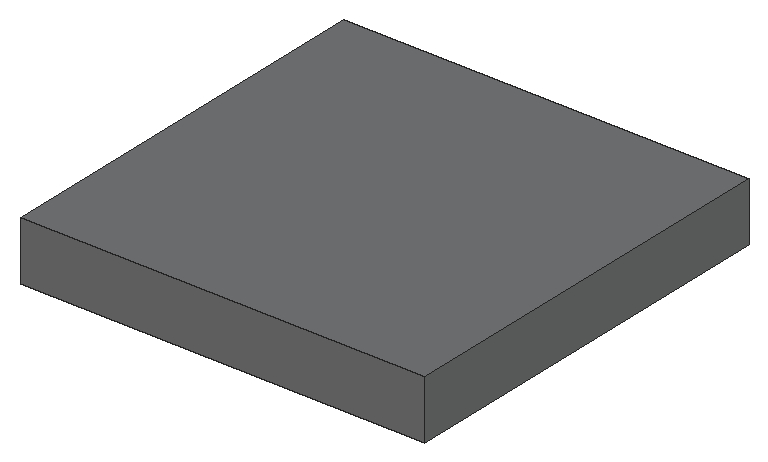
Revit family "Gira_028426", category Electrical Fixtures, host Face, Revit 2017
Family settings
  Host = Face
  Maintain Annotation Orientation = No
  Round Connector Dimension = Use Diameter
  Part Type = Normal
  Cut with Voids When Loaded = No
  Shared = No
  Room Calculation Point = No
Parameters (values of type "Cov. in.sp. UAE/IAE network conn.box System 55 c.alum.")
  URL = "http://katalog.gira.de/en/datenblatt.html?artikelnr=028426"
  Transparent = "No"
  Name = "Cov. in.sp. UAE/IAE network conn.box System 55 c.alum."
  Manufacturer URL = "https://www.gira.de/"
  Manufacturer = "Gira"
  Keynote = ""
  HeinzeBIM = "https://bimportal.heinze.de/bim/cov-in-sp-uae-iae-network-conn-box-system-55-c-alum-/1e8c419e81f651b274901064abbd11c7850d7ca9"
  HAN = "028426"
  GTIN = "4010337284260"
  Description = "Cov.in.sp.UAE IAE network Sys55 CAl,Cover for UAE IAE (ISDN) and network connection box,with inscription space,colour aluminium,Features:,- Cover plate can be broken out.,,Notes :,- Suitable for UAE IAE (ISDN) connection boxes."
  Default Elevation = 1219.2 mm
  Data sheet (1) = "https://katalog.gira.de/en/download.html?artikelnr=028426"
  Category = "Insert/cover for communication technology"
  BIM (1) = "https://media.stage.bim.site/public/gira/36a6b08/Sys55_Abdeckung_Schalten und Tasten.rfa?public/gira/36a6b08/Sys55_Abdeckung_Schalten und Tasten.rfa"
  Available = "No"
  Anthrazit [instance] = Anthrazit
Reference planes
  plane 1 "Center (Front/Back)": y = 0
  plane 2: z = 0
  plane 3 "Center (Left/Right)": x = 0
Forms (mm)
  Extrusion 1, solid, material "Anthrazit" <- "Anthrazit", detail levels fine
    sketch origin (0, 0, 0) x (1, 0, 0) y (0, 1, 0)
      loop
        line (-27.5, 27.5) -> (-27.5, -27.5) -> (27.5, -27.5) -> (27.5, 27.5) -> (-27.5, 27.5)
    from 0 to 8
  Extrusion 2, void
    sketch origin (0, 0, 0) x (1, 0, 0) y (0, 1, 0)
      loop
        line (26, 26) -> (-26, 26) -> (-26, -26) -> (26, -26) -> (26, 26)
    from 0 to 6
  Extrusion 3, solid, material "Anthrazit" <- "Anthrazit", detail levels medium
    sketch origin (0, 0, 0) x (1, 0, 0) y (0, 1, 0)
      loop
        line (-27.5, 27.5) -> (-27.5, -27.5) -> (27.5, -27.5) -> (27.5, 27.5) -> (-27.5, 27.5)
    from 0 to 8
  Extrusion 4, solid, material "Anthrazit" <- "Anthrazit", detail levels medium
    sketch origin (0, 0, 0) x (1, 0, 0) y (0, 1, 0)
      loop
        line (11, -17.5) -> (11, 17.5) -> (-11, 17.5) -> (-11, -17.5) -> (11, -17.5)
    from -6 to 6
  Extrusion 5, solid, material "Anthrazit" <- "Anthrazit", detail levels fine
    sketch origin (0, 0, 0) x (1, 0, 0) y (0, 1, 0)
      loop
        line (11, 17.5) -> (-11, 17.5) -> (-11, 16.5) -> (11, 16.5) -> (11, 17.5)
      loop
        line (-11, -16.5) -> (-11, -17.5) -> (11, -17.5) -> (11, -16.5) -> (-11, -16.5)
    from -4 to 6
  Extrusion 6, solid, material "Anthrazit" <- "Anthrazit", detail levels fine
    sketch origin (0, 0, 0) x (1, 0, 0) y (0, 1, 0)
      loop
        arc (5, 9.347) -> (0, 10.6) -> (-5, 9.347) r 10.6
        line (-5, 9.347) -> (-5, -9.347)
        arc (-5, -9.347) -> (0, -10.6) -> (5, -9.347) r 10.6
        line (5, -9.347) -> (5, 9.347)
    from -6 to 6
  Extrusion 7, solid, material "Anthrazit" <- "Anthrazit", detail levels coarse
    sketch origin (0, 0, 0) x (1, 0, 0) y (0, 1, 0)
      loop
        line (-27.5, 27.5) -> (-27.5, -27.5) -> (27.5, -27.5) -> (27.5, 27.5) -> (-27.5, 27.5)
    from -6 to 8
Cuts and joins
  Extrusion 2 cuts Extrusion 1
Dimensions and locks
  aligned and locked: plane 2 to host face
  aligned and locked: level to host face
